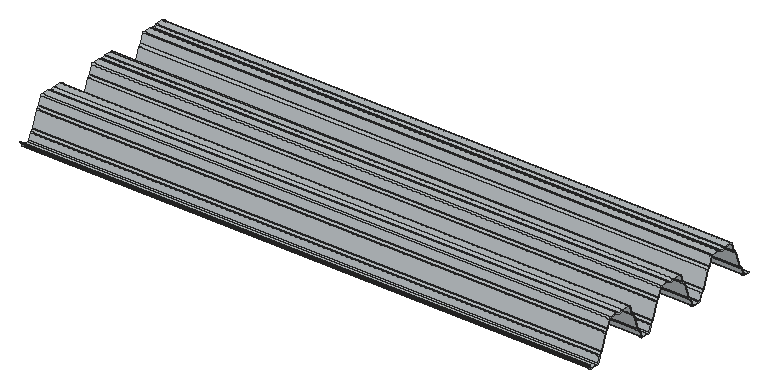
Revit family "28_SB_NL_Delft_Profielen_155R_840", category Structural Framing, Revit 2016
Family settings
  Section Shape = Not Defined
  Material for Model Behavior = Other
  Always export as geometry = No
  OmniClass Number = 23.25.30.11.14.14
  OmniClass Title = Beams
  Always vertical = Yes
  Cut with Voids When Loaded = No
  Symbolic Representation = From Family
  Shared = No
  Show family pre-cut in plan views = Yes
Parameters (values of type "155R_840")
  Vrijkomen van cadium = "NPD"
  URL = "www.delftprofielen.nl"
  Toleranties op vorm en afmetingen = "Tolerantieklasse D1 volgens EN 1090-2"
  Structural Material [instance] = (empty or 0)
  Reactie op bbrand = "Klasse A1"
  Radioactieve straling = "NPD"
  Ontwerp = "NPD"
  Norm = "NEN-EN 1090-1: 2009 + A1:2011"
  Minimale plaatlengte = 1500 mm
  Minimale overlap = 100 mm
  Maximale plaatlengte = 25000 mm
  Materiaal = S320D GD
  Manufacturer = "Delft profielen b.v."
  Length [instance] = 3000 mm
  Fabricage = "Warmdakplaten Delft 155R/840 én EN 1090-2"
  Duurzaamheid = "Verzinkt Z-275 gr./m2 of interieur coating 15mu/BC"
  Dikte = 0.75 mm
  Description = "155R/840"
  Datum = "13-04-2018"
  Constructieve kenmerken = "-"
  BIM4ALL B.V. = "www.bim4all.com"
  Assembly Code = "28.31"
Reference planes
  plane 1 "Center (Front/Back)": y = 0
  plane 2 "Center Elevation": z = 0
  plane 3 "Center (Left/Right)": x = 0
  plane 4 "Left": x = -1500
  plane 5 "Member Left": x = -1250
  plane 6 "Stick Symbol Left": x = -1000
  plane 7 "Right": x = 1500
  plane 8 "Member Right": x = 1250
  plane 9 "Stick Symbol Right": x = 1000
Forms (mm)
  Sweep 1, solid, material "S320D GD" <- "Materiaal"
    path origin (0, 0, 0) x (1, 0, 0) y (0, 1, 0)
      loop
        line (-1250, 0) -> (1250, 0)
    profile "28_Prof_155R_840 : 155R_840" origin (0, 0, 0) x (0, 1, 0) y (0, 0, 1)
      loop
        arc (30.244, 29.94) -> (30.696, 30.909) -> (31.345, 31.761) r 5
        line (31.345, 31.761) -> (39.621, 40.492)
        arc (39.621, 40.492) -> (40.4, 41.513) -> (40.943, 42.677) r 6
        line (40.943, 42.677) -> (62.769, 106.47)
        arc (62.769, 106.47) -> (63.222, 107.439) -> (63.871, 108.29) r 5
        line (63.871, 108.29) -> (72.146, 117.022)
        arc (72.146, 117.022) -> (72.925, 118.043) -> (73.468, 119.207) r 6
        line (73.468, 119.207) -> (84.558, 151.619)
        arc (84.558, 151.619) -> (86.381, 154.068) -> (89.289, 155) r 5
        line (89.289, 155) -> (123.766, 155)
        arc (123.766, 155) -> (124.773, 154.898) -> (125.739, 154.594) r 5
        line (125.739, 154.594) -> (137.632, 149.487)
        arc (137.632, 149.487) -> (140, 149) -> (142.368, 149.487) r 6
        line (142.368, 149.487) -> (154.261, 154.594)
        arc (154.261, 154.594) -> (155.227, 154.898) -> (156.234, 155) r 5
        line (156.234, 155) -> (190.711, 155)
        arc (190.711, 155) -> (193.619, 154.068) -> (195.442, 151.619) r 5
        line (195.442, 151.619) -> (206.532, 119.207)
        arc (206.532, 119.207) -> (207.075, 118.043) -> (207.854, 117.022) r 6
        line (207.854, 117.022) -> (216.129, 108.29)
        arc (216.129, 108.29) -> (216.778, 107.439) -> (217.231, 106.47) r 5
        line (217.231, 106.47) -> (239.057, 42.677)
        arc (239.057, 42.677) -> (239.6, 41.513) -> (240.379, 40.492) r 6
        line (240.379, 40.492) -> (248.655, 31.761)
        arc (248.655, 31.761) -> (249.304, 30.909) -> (249.756, 29.94) r 5
        line (249.756, 29.94) -> (258.612, 4.058)
        arc (258.612, 4.058) -> (260.8, 1.119) -> (264.289, 0) r 6
        line (264.289, 0) -> (295.711, 0)
        arc (295.711, 0) -> (299.2, 1.119) -> (301.388, 4.058) r 6
        line (301.388, 4.058) -> (310.244, 29.94)
        arc (310.244, 29.94) -> (310.696, 30.909) -> (311.345, 31.761) r 5
        line (311.345, 31.761) -> (319.621, 40.492)
        arc (319.621, 40.492) -> (320.4, 41.513) -> (320.943, 42.677) r 6
        line (320.943, 42.677) -> (342.769, 106.47)
        arc (342.769, 106.47) -> (343.222, 107.439) -> (343.871, 108.29) r 5
        line (343.871, 108.29) -> (352.146, 117.022)
        arc (352.146, 117.022) -> (352.925, 118.043) -> (353.468, 119.207) r 6
        line (353.468, 119.207) -> (364.558, 151.619)
        arc (364.558, 151.619) -> (366.381, 154.068) -> (369.289, 155) r 5
        line (369.289, 155) -> (403.766, 155)
        arc (403.766, 155) -> (404.773, 154.898) -> (405.739, 154.594) r 5
        line (405.739, 154.594) -> (417.632, 149.487)
        arc (417.632, 149.487) -> (420, 149) -> (422.368, 149.487) r 6
        line (422.368, 149.487) -> (434.261, 154.594)
        arc (434.261, 154.594) -> (435.227, 154.898) -> (436.234, 155) r 5
        line (436.234, 155) -> (470.711, 155)
        arc (470.711, 155) -> (473.619, 154.068) -> (475.442, 151.619) r 5
        line (475.442, 151.619) -> (486.532, 119.207)
        arc (486.532, 119.207) -> (487.075, 118.043) -> (487.854, 117.022) r 6
        line (487.854, 117.022) -> (496.129, 108.29)
        arc (496.129, 108.29) -> (496.778, 107.439) -> (497.231, 106.47) r 5
        line (497.231, 106.47) -> (519.057, 42.677)
        arc (519.057, 42.677) -> (519.6, 41.513) -> (520.379, 40.492) r 6
        line (520.379, 40.492) -> (528.655, 31.761)
        arc (528.655, 31.761) -> (529.304, 30.909) -> (529.756, 29.94) r 5
        line (529.756, 29.94) -> (538.612, 4.058)
        arc (538.612, 4.058) -> (540.8, 1.119) -> (544.289, 0) r 6
        line (544.289, 0) -> (575.711, 0)
        arc (575.711, 0) -> (579.2, 1.119) -> (581.388, 4.058) r 6
        line (581.388, 4.058) -> (590.244, 29.94)
        arc (590.244, 29.94) -> (590.696, 30.909) -> (591.345, 31.761) r 5
        line (591.345, 31.761) -> (599.621, 40.492)
        arc (599.621, 40.492) -> (600.4, 41.513) -> (600.943, 42.677) r 6
        line (600.943, 42.677) -> (622.769, 106.47)
        arc (622.769, 106.47) -> (623.222, 107.439) -> (623.871, 108.29) r 5
        line (623.871, 108.29) -> (632.146, 117.022)
        arc (632.146, 117.022) -> (632.925, 118.043) -> (633.468, 119.207) r 6
        line (633.468, 119.207) -> (644.558, 151.619)
        arc (644.558, 151.619) -> (646.381, 154.068) -> (649.289, 155) r 5
        line (649.289, 155) -> (683.766, 155)
        arc (683.766, 155) -> (684.773, 154.898) -> (685.739, 154.594) r 5
        line (685.739, 154.594) -> (697.632, 149.487)
        arc (697.632, 149.487) -> (700, 149) -> (702.368, 149.487) r 6
        line (702.368, 149.487) -> (714.261, 154.594)
        arc (714.261, 154.594) -> (715.227, 154.898) -> (716.234, 155) r 5
        line (716.234, 155) -> (750.711, 155)
        arc (750.711, 155) -> (753.619, 154.068) -> (755.442, 151.619) r 5
        line (755.442, 151.619) -> (766.532, 119.207)
        arc (766.532, 119.207) -> (767.075, 118.043) -> (767.854, 117.022) r 6
        line (767.854, 117.022) -> (776.129, 108.29)
        arc (776.129, 108.29) -> (776.778, 107.439) -> (777.231, 106.47) r 5
        line (777.231, 106.47) -> (799.057, 42.677)
        arc (799.057, 42.677) -> (799.6, 41.513) -> (800.379, 40.492) r 6
        line (800.379, 40.492) -> (808.655, 31.761)
        arc (808.655, 31.761) -> (809.304, 30.909) -> (809.756, 29.94) r 5
        line (809.756, 29.94) -> (818.612, 4.058)
        arc (818.612, 4.058) -> (820.8, 1.119) -> (824.289, 0) r 6
        line (824.289, 0) -> (845, 0) -> (845, 1) -> (824.289, 1)
        arc (824.289, 1) -> (821.381, 1.932) -> (819.558, 4.381) r 5
        line (819.558, 4.381) -> (810.703, 30.263)
        arc (810.703, 30.263) -> (810.159, 31.427) -> (809.38, 32.449) r 6
        line (809.38, 32.449) -> (801.105, 41.18)
        arc (801.105, 41.18) -> (800.456, 42.031) -> (800.003, 43.001) r 5
        line (800.003, 43.001) -> (778.177, 106.793)
        arc (778.177, 106.793) -> (777.634, 107.957) -> (776.855, 108.978) r 6
        line (776.855, 108.978) -> (768.58, 117.71)
        arc (768.58, 117.71) -> (767.931, 118.561) -> (767.478, 119.53) r 5
        line (767.478, 119.53) -> (756.388, 151.942)
        arc (756.388, 151.942) -> (754.2, 154.881) -> (750.711, 156) r 6
        line (750.711, 156) -> (716.234, 156)
        arc (716.234, 156) -> (715.025, 155.877) -> (713.866, 155.513) r 6
        line (713.866, 155.513) -> (701.973, 150.406)
        arc (701.973, 150.406) -> (700, 150) -> (698.027, 150.406) r 5
        line (698.027, 150.406) -> (686.134, 155.513)
        arc (686.134, 155.513) -> (684.975, 155.877) -> (683.766, 156) r 6
        line (683.766, 156) -> (649.289, 156)
        arc (649.289, 156) -> (645.8, 154.881) -> (643.612, 151.942) r 6
        line (643.612, 151.942) -> (632.522, 119.53)
        arc (632.522, 119.53) -> (632.069, 118.561) -> (631.42, 117.71) r 5
        line (631.42, 117.71) -> (623.145, 108.978)
        arc (623.145, 108.978) -> (622.366, 107.957) -> (621.823, 106.793) r 6
        line (621.823, 106.793) -> (599.997, 43.001)
        arc (599.997, 43.001) -> (599.544, 42.031) -> (598.895, 41.18) r 5
        line (598.895, 41.18) -> (590.62, 32.449)
        arc (590.62, 32.449) -> (589.841, 31.427) -> (589.297, 30.263) r 6
        line (589.297, 30.263) -> (580.442, 4.381)
        arc (580.442, 4.381) -> (578.619, 1.932) -> (575.711, 1) r 5
        line (575.711, 1) -> (544.289, 1)
        arc (544.289, 1) -> (541.381, 1.932) -> (539.558, 4.381) r 5
        line (539.558, 4.381) -> (530.703, 30.263)
        arc (530.703, 30.263) -> (530.159, 31.427) -> (529.38, 32.449) r 6
        line (529.38, 32.449) -> (521.105, 41.18)
        arc (521.105, 41.18) -> (520.456, 42.031) -> (520.003, 43.001) r 5
        line (520.003, 43.001) -> (498.177, 106.793)
        arc (498.177, 106.793) -> (497.634, 107.957) -> (496.855, 108.978) r 6
        line (496.855, 108.978) -> (488.58, 117.71)
        arc (488.58, 117.71) -> (487.931, 118.561) -> (487.478, 119.53) r 5
        line (487.478, 119.53) -> (476.388, 151.942)
        arc (476.388, 151.942) -> (474.2, 154.881) -> (470.711, 156) r 6
        line (470.711, 156) -> (436.234, 156)
        arc (436.234, 156) -> (435.025, 155.877) -> (433.866, 155.513) r 6
        line (433.866, 155.513) -> (421.973, 150.406)
        arc (421.973, 150.406) -> (420, 150) -> (418.027, 150.406) r 5
        line (418.027, 150.406) -> (406.134, 155.513)
        arc (406.134, 155.513) -> (404.975, 155.877) -> (403.766, 156) r 6
        line (403.766, 156) -> (369.289, 156)
        arc (369.289, 156) -> (365.8, 154.881) -> (363.612, 151.942) r 6
        line (363.612, 151.942) -> (352.522, 119.53)
        arc (352.522, 119.53) -> (352.069, 118.561) -> (351.42, 117.71) r 5
        line (351.42, 117.71) -> (343.145, 108.978)
        arc (343.145, 108.978) -> (342.366, 107.957) -> (341.823, 106.793) r 6
        line (341.823, 106.793) -> (319.997, 43.001)
        arc (319.997, 43.001) -> (319.544, 42.031) -> (318.895, 41.18) r 5
        line (318.895, 41.18) -> (310.62, 32.449)
        arc (310.62, 32.449) -> (309.841, 31.427) -> (309.297, 30.263) r 6
        line (309.297, 30.263) -> (300.442, 4.381)
        arc (300.442, 4.381) -> (298.619, 1.932) -> (295.711, 1) r 5
        line (295.711, 1) -> (264.289, 1)
        arc (264.289, 1) -> (261.381, 1.932) -> (259.558, 4.381) r 5
        line (259.558, 4.381) -> (250.703, 30.263)
        arc (250.703, 30.263) -> (250.159, 31.427) -> (249.38, 32.449) r 6
        line (249.38, 32.449) -> (241.105, 41.18)
        arc (241.105, 41.18) -> (240.456, 42.031) -> (240.003, 43.001) r 5
        line (240.003, 43.001) -> (218.177, 106.793)
        arc (218.177, 106.793) -> (217.634, 107.957) -> (216.855, 108.978) r 6
        line (216.855, 108.978) -> (208.58, 117.71)
        arc (208.58, 117.71) -> (207.931, 118.561) -> (207.478, 119.53) r 5
        line (207.478, 119.53) -> (196.388, 151.942)
        arc (196.388, 151.942) -> (194.2, 154.881) -> (190.711, 156) r 6
        line (190.711, 156) -> (156.234, 156)
        arc (156.234, 156) -> (155.025, 155.877) -> (153.866, 155.513) r 6
        line (153.866, 155.513) -> (141.973, 150.406)
        arc (141.973, 150.406) -> (140, 150) -> (138.027, 150.406) r 5
        line (138.027, 150.406) -> (126.134, 155.513)
        arc (126.134, 155.513) -> (124.975, 155.877) -> (123.766, 156) r 6
        line (123.766, 156) -> (89.289, 156)
        arc (89.289, 156) -> (85.8, 154.881) -> (83.612, 151.942) r 6
        line (83.612, 151.942) -> (72.522, 119.53)
        arc (72.522, 119.53) -> (72.069, 118.561) -> (71.42, 117.71) r 5
        line (71.42, 117.71) -> (63.145, 108.978)
        arc (63.145, 108.978) -> (62.366, 107.957) -> (61.823, 106.793) r 6
        line (61.823, 106.793) -> (39.997, 43.001)
        arc (39.997, 43.001) -> (39.544, 42.031) -> (38.895, 41.18) r 5
        line (38.895, 41.18) -> (30.62, 32.449)
        arc (30.62, 32.449) -> (29.841, 31.427) -> (29.297, 30.263) r 6
        line (29.297, 30.263) -> (20.442, 4.381)
        arc (20.442, 4.381) -> (18.619, 1.932) -> (15.711, 1) r 5
        line (15.711, 1) -> (-15.711, 1)
        arc (-15.711, 1) -> (-18.619, 1.932) -> (-20.442, 4.381) r 5
        line (-20.442, 4.381) -> (-22.291, 9.785) -> (-23.938, 14.599) -> (-26.879, 19.929) -> (-27.754, 19.446) -> (-24.856, 14.192) -> (-23.237, 9.462) -> (-21.388, 4.058)
        arc (-21.388, 4.058) -> (-19.2, 1.119) -> (-15.711, 0) r 6
        line (-15.711, 0) -> (15.711, 0)
        arc (15.711, 0) -> (19.2, 1.119) -> (21.388, 4.058) r 6
        line (21.388, 4.058) -> (30.244, 29.94)
Lines and regions (mm)
  model lines, style "Stick Symbols", detail levels coarse
    curve 1: line (-1000, 0, 0) -> (1000, 0, 0)
Dimensions and locks
  equal spacing: plane 4 "Left", plane 3 "Center (Left/Right)", plane 7 "Right"
  "Length": plane 4 "Left" to plane 7 "Right"
  aligned and locked: plane 1 "Center (Front/Back)" to curve 1
  aligned and locked: plane 6 "Stick Symbol Left" to curve 1
  aligned and locked: plane 9 "Stick Symbol Right" to curve 1
  aligned and locked: level to plane 2 "Center Elevation"
  aligned and locked: plane 8 "Member Right" to Sweep 1 sketch curve
  aligned and locked: plane 5 "Member Left" to Sweep 1 sketch curve
Automatic sketch dimensions
  plane 1 "Center (Front/Back)" to Sweep 1 sketch curve = 0 mm
